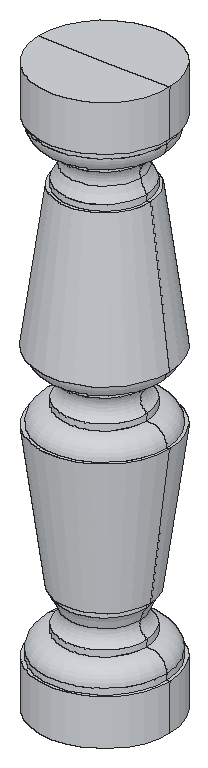
Revit family
Parameters (values of type "Balustrade R22")
  Width = 0' - 5"
  URL = "www.strombergarchitectural.com"
  Top Material = none
  Submittal Sheet = "www.strombergarchitectural.com/images/materials/gfrc/submittal/gfrc-submittal-sheet.pdf"
  Specifications = "www.strombergarchitectural.com/gfrcspecifications"
  Model Cut-sheet = "http://www.strombergarchitectural.com/products/balustrade/design/R22"
  Model = "Balustrade R22"
  Manufacturer = "Stromberg Architectural Products"
  Guidebook = "www.strombergarchitectural.com/images/materials/gfrc/handbooks/gfrc_guidebook.pdf   \r\n(http://www.strombergarchitectural.com/images/materials/gfrc/handbooks/gfrc_guidebook.pdf"
  Description = "GFRC Baluster"
  Assembly Code = ""
  Height = 1' - 10"
  XXX.5 = no
  XXX.4 = no
  XXX.3 = no
  XXX.2 = no
  XXX.1 = yes
Reference planes (in)
  plane 1 "Center (Front/Back)": y = 3.74847
  plane 2: z = 0
  plane 3 "Center (Left/Right)": x = 0.7278
  plane 4 "Front": y = -3.25153
  plane 5 "Back": y = 10.74847
Forms (in)
  Revolve 1, solid
    sketch origin (-27.93956, 3.74847, 0) x (1, 0, 0) y (0, 0, 1)
      loop
        line (26.16736, 22) -> (26.16736, 20.24) -> (26.29236, 20.24) -> (26.29236, 20.02)
        spline (26.29236, 20.02) -> (26.29878, 19.93385) -> (26.31792, 19.84918) -> (26.34945, 19.76743) -> (26.39284, 19.69) -> (26.44735, 19.61822) -> (26.51203, 19.55331) -> (26.58579, 19.49639) -> (26.66736, 19.44842) -> (26.75535, 19.41024) -> (26.84825, 19.38249) -> (26.94447, 19.36565) -> (27.04236, 19.36)
        line (27.04236, 19.36) -> (27.04236, 19.14)
        spline (27.04236, 19.14) -> (27.09247, 19.10412) -> (27.13834, 19.0641) -> (27.17955, 19.02033) -> (27.21569, 18.97321) -> (27.24642, 18.92321) -> (27.27144, 18.87081) -> (27.29052, 18.8165) -> (27.30346, 18.7608) -> (27.31015, 18.70427) -> (27.31052, 18.64742) -> (27.30458, 18.59082) -> (27.29236, 18.535)
        spline (27.29236, 18.535) -> (27.2794, 18.49108) -> (27.26495, 18.44751) -> (27.24903, 18.40435) -> (27.23165, 18.36162) -> (27.21284, 18.31937) -> (27.1926, 18.27763) -> (27.17095, 18.23644) -> (27.14792, 18.19584) -> (27.12353, 18.15585) -> (27.09778, 18.11653) -> (27.07072, 18.0779) -> (27.04236, 18.04)
        line (27.04236, 18.04) -> (27.04236, 17.82) -> (26.91736, 17.82) -> (26.16736, 12.32) -> (26.29236, 12.32)
        spline (26.29236, 12.32) -> (26.29878, 12.23385) -> (26.31792, 12.14918) -> (26.34945, 12.06743) -> (26.39284, 11.99) -> (26.44735, 11.91822) -> (26.51203, 11.85331) -> (26.58579, 11.79639) -> (26.66736, 11.74842) -> (26.75535, 11.71024) -> (26.84825, 11.68249) -> (26.94447, 11.66565) -> (27.04236, 11.66)
        line (27.04236, 11.66) -> (27.04236, 11.44)
        spline (27.04236, 11.44) -> (27.11486, 11.38396) -> (27.17669, 11.31876) -> (27.22638, 11.24597) -> (27.26274, 11.16731) -> (27.28491, 11.08466) -> (27.29236, 11) -> (27.28491, 10.91534) -> (27.26274, 10.83269) -> (27.22638, 10.75403) -> (27.17669, 10.68124) -> (27.11486, 10.61604) -> (27.04236, 10.56)
        line (27.04236, 10.56) -> (27.04236, 10.34)
        spline (27.04236, 10.34) -> (26.94447, 10.33435) -> (26.84825, 10.31751) -> (26.75535, 10.28976) -> (26.66736, 10.25158) -> (26.58579, 10.20361) -> (26.51203, 10.14669) -> (26.44735, 10.08178) -> (26.39284, 10.01) -> (26.34945, 9.93257) -> (26.31792, 9.85082) -> (26.29878, 9.76615) -> (26.29236, 9.68)
        line (26.29236, 9.68) -> (26.16736, 9.68) -> (26.91736, 4.18) -> (27.04236, 4.18) -> (27.04236, 3.96)
        spline (27.04236, 3.96) -> (27.07072, 3.9221) -> (27.09778, 3.88347) -> (27.12353, 3.84415) -> (27.14792, 3.80416) -> (27.17095, 3.76356) -> (27.1926, 3.72237) -> (27.21284, 3.68063) -> (27.23165, 3.63838) -> (27.24903, 3.59565) -> (27.26495, 3.55249) -> (27.2794, 3.50892) -> (27.29236, 3.465)
        spline (27.29236, 3.465) -> (27.30458, 3.40918) -> (27.31052, 3.35258) -> (27.31015, 3.29573) -> (27.30346, 3.2392) -> (27.29052, 3.1835) -> (27.27144, 3.12919) -> (27.24642, 3.07679) -> (27.21569, 3.02679) -> (27.17955, 2.97967) -> (27.13834, 2.9359) -> (27.09247, 2.89588) -> (27.04236, 2.86)
        line (27.04236, 2.86) -> (27.04236, 2.64)
        spline (27.04236, 2.64) -> (26.94447, 2.63435) -> (26.84825, 2.61751) -> (26.75535, 2.58976) -> (26.66736, 2.55158) -> (26.58579, 2.50361) -> (26.51203, 2.44669) -> (26.44735, 2.38178) -> (26.39284, 2.31) -> (26.34945, 2.23257) -> (26.31792, 2.15082) -> (26.29878, 2.06615) -> (26.29236, 1.98)
        line (26.29236, 1.98) -> (26.29236, 1.76) -> (26.16736, 1.76) -> (26.16736, 0) -> (28.66736, 0) -> (28.66736, 22) -> (26.16736, 22)
      axis (28.66736, 22) -> (28.66736, 0)
    angle from 0 to 360
Dimensions and locks (in)
  aligned and locked: level to plane 2
